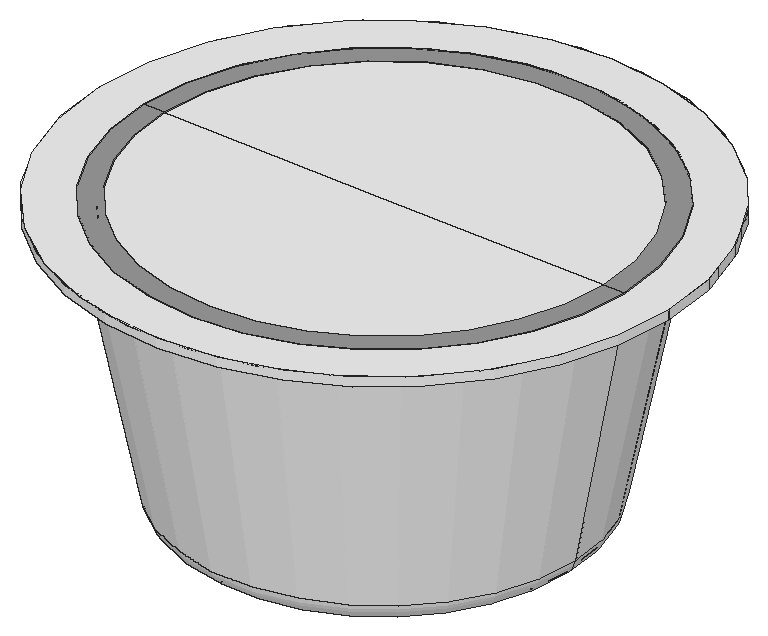
Revit family "2060707", category Lighting Fixtures, host Face, Revit 2018
Family settings
  Host = Face
  Round Connector Dimension = Use Diameter
  Part Type = Normal
  OmniClass Number = 23.80.70.11.17
  OmniClass Title = Specialized Lighting by Location or Use
  Cut with Voids When Loaded = No
  Light Source = Yes
  Shared = No
  Room Calculation Point = No
Parameters (values of type "2060707 ASC100 II ARCH 3450 3K IP65 DALI EMG 160")
  WidthBezelAcc_SYL = 25.0 mm
  Weight = "n/a"
  Wattage = 7 W
  WarrantyStartDate [instance] = "n/a"
  WarrantyGuarantorParts = "n/a"
  WarrantyDurationUnit = "n/a"
  WarrantyDurationParts = ""
  WarrantyDescription = "http://www.sylvania-lighting.com"
  built-in parameter 1150110 = 1 (stored number, unit not read)
  Voltage = 0 V
  VisibilityAccessory_SYL = no
  TypeName = "ASCENT 100 II ARCH 3450 3K IP65 DALI EMG 160"
  built-in parameter 1114217 = 1 (stored number, unit not read)
  Tilt Angle = -90°
  built-in parameter 1150109 = 1 (stored number, unit not read)
  built-in parameter 1150134 = (empty or 0)
  built-in parameter 1150113 = 1 (stored number, unit not read)
  SerialNumber [instance] = "n/a"
  ReflectorRadius_SYL = Radius_SYL - 14.5 mm  # 80.0 mm
  RadiusAcc_SYL = 104.5 mm
  Radius_SYL = 94.5 mm
  URL = "0.95"
  PowerFactor = 0
  PowerConsumption = "Lighting"
  Photometric Web File = "2060707.ies"
  NominalWidth = 0.0 mm
  NominalLength = 209.0 mm
  NominalHeight = 94.0 mm
  Name = "ASCENT 100 II ARCH 3450 3K IP65 DALI EMG 160"
  ModelReference = "ASCENT 100 II ARCH 3450 3K IP65 DALI EMG 160"
  ModelNumber = "2060707"
  Material_4_SYL = none
  Material_3_SYL = Polycarbonate_Sylvania_Ascent_Opal
  Material_2_SYL = Aluminium_Sylvania_Ascent_Silver
  Material_1_SYL = Aluminum_Sylvania_Ascent_White
  Material = "Feilo Sylvania"
  ManufacturerName = "108 lm/W"
  LuminousEfficacy = ""
  built-in parameter 1150105 = 76.872 (stored number, unit not read)
  Lumens = 966 lm
  LuminaireType = "0"
  built-in parameter 1150115 = 1 (stored number, unit not read)
  LightOutputRatio = "LED"
  built-in parameter 1150137 = (empty or 0)
  built-in parameter 1150139 = (empty or 0)
  LampsType = Lamp  # "n/a"
  LampNominalLuminous = "3000 K"
  LampMacAdamStep = "80"
  LampColourTemperature = "LED"
  LampColourRenderingIndex = "16500"
  built-in parameter 1150112 = 1 (stored number, unit not read)
  built-in parameter 1150114 = 1 (stored number, unit not read)
  Keynote = "n/a"
  InstallationDate [instance] = "n/a"
  InputVoltage = "0"
  InputNominalFrequency = "3000"
  built-in parameter 1150132 = (empty or 0)
  built-in parameter 1150102 = (empty or 0)
  built-in parameter 1150107 = 3000 (stored number, unit not read)
  built-in parameter 1150138 = (empty or 0)
  IngressProtection = "IfcLightFixtureType"
  ImpactProtectionIndex = "IfcLightFixtureType"
  built-in parameter 1150106 = 0.76872 (stored number, unit not read)
  IfcExportType = "IfcLightFixtureType"
  IfcExportAs = "Class II"
  HeightAcc_SYL = 7.0 mm
  Height = 96.0 mm
  ExpectedLife = 50000
  EmittionSurface_SYL = if(VisibilityAccessory_SYL, 7.0 mm, 3.0 mm)  # 3.0 mm
  Emit from Circle Diameter = DiffuserRadius_SYL * 2  # 146.0 mm
  Emit Shape Visible in Rendering = no
  ElectricShockClassification = "108"
  built-in parameter 1150104 = 12.821 (stored number, unit not read)
  DurationUnit = "hours"
  DocumentationLiterature = "http://www.sylvania-lighting.com/product/en-int/products/2060707"
  DimmingControlOptions = "n/a"
  Dimming Lamp Color Temperature Shift = <None>
  DiffuserRadius_SYL = ReflectorRadius_SYL - 7.0 mm  # 73.0 mm
  Diameter_SYL = 2 * Radius_SYL  # 189.0 mm
  CutoutDiameter_SYL = Diameter_SYL - 13.0 mm  # 176.0 mm
  CreatedOn = "08/06/2021"
  CreatedBy = "@sylvania-lighting.com"
  Color Filter = 16777215
  built-in parameter 1114216 [instance] = 1 (stored number, unit not read)
  Model = "ASCENT 100 II ARCH 3450 3K IP65 DALI EMG 160"
  Manufacturer = ""
  Lamp = "n/a"
  Description = "Direct LED retro fit for original LED 100 Arch (160) single CFL lamp offering Matching lumen levels and improved light distribution of original LED 100 CFL lamp equivalents Typically half the power consumption compared to CFL Up to 112lm/W 160mm aperture Architectural reflector accepts range of glass accessories from existing LED 100 Arch 160 offering HE, HO and VHO versions equivalent of single 1 x 18W, 1 x 32W, 1 x 42W\r\n Additional VVHO versions which offer the performance circa 2 x 32W equivalent"  # constant formula
  Default Elevation = 0.0 mm
  built-in parameter 1140040 [instance] = 1
  BarCode [instance] = "n/a"
  built-in parameter 1114218 = 1 (stored number, unit not read)
  built-in parameter 1150133 = 10 (stored number, unit not read)
  AssetType = "Fixed"
  AssetIdentifier [instance] = "n/a"
  Assembly Code = "D5020200"
  Apparent Load = 32 VA
  Aperture_SYL = 2 * ReflectorRadius_SYL  # 160.0 mm
Reference planes
  plane 1 "Center (Front/Back)": y = 0
  plane 2: z = 0
  plane 3 "Center (Left/Right)": x = 0
  plane 4 "Fixture Bottom": z = 3
  plane 5: z = -52.5
  plane 6 "Fixture Top": z = -89
  plane 7: x = -104.5
  plane 8: z = 7
  plane 9: x = -79.5
  plane 10: z = 5
  plane 11: x = -102.5
Forms (mm)
  Extrusion 1, solid, material "Aluminum_Sylvania_Ascent_White", detail levels fine
    sketch origin (0, 0, 0) x (1, 0, 0) y (0, 1, 0)
      loop
        circle (0, 0) r 94.5
      loop
        circle (0, 0) r 80
    from 0 to 3
  Extrusion 2, void
    sketch origin (0, 0, 0) x (1, 0, 0) y (0, 1, 0)
      loop
        circle (0, 0) r 88
    from -89 to 3
  Revolve 3, solid, material "Aluminum_Sylvania_Ascent_White" <- "Material_1_SYL", detail levels fine
    sketch origin (0, 0, 0) x (1, 0, 0) y (0, 0, 1)
      loop
        line (0, -89.073) -> (0, -87.023) -> (-55.468, -87.014)
        arc (-55.468, -87.014) -> (-59.352, -85.613) -> (-61.54, -82.139) r 6.307
        line (-61.54, -82.139) -> (-77.991, -2.838) -> (-77.991, 0) -> (-80, 0) -> (-80, -3) -> (-63.5, -82.536)
        arc (-63.5, -82.536) -> (-60.643, -87.203) -> (-55.5, -89.073) r 8.291
        line (-55.5, -89.073) -> (0, -89.073)
      axis (0, 0) -> (0, -89.073)
    angle from 0 to 360
  Revolve 4, solid, material "Aluminium_Sylvania_Ascent_Silver" <- "Material_2_SYL", detail levels fine
    sketch origin (0, 0, 0) x (1, 0, 0) y (0, 0, 1)
      loop
        line (-80, 3) -> (-80, 0) -> (-75, 0)
        arc (-75, 0) -> (-72.349, -26.77) -> (-64.5, -52.5) r 136.5
        line (-64.5, -52.5) -> (-58, -52.5)
        arc (-58, -52.5) -> (-56.857, -61.521) -> (-53.5, -69.971) r 36.166
        line (-53.5, -69.971) -> (0, -69.971) -> (0, -50.5) -> (-63.16, -50.5)
        arc (-63.16, -50.5) -> (-70.517, -25.725) -> (-73, 0) r 134.5
        line (-73, 0) -> (-73, 3) -> (-80, 3)
      axis (0, 3) -> (0, -69.971)
    angle from 0 to 360
  Revolve 5, solid, material "Aluminum_Sylvania_Ascent_White" <- "Material_1_SYL", detail levels medium+fine
    sketch origin (0, 0, 0) x (1, 0, 0) y (0, 0, 1)
      loop
        line (0, -89.073) -> (0, 3) -> (-94.5, 3) -> (-94.5, 0) -> (-79.5, 0) -> (-79.5, -3) -> (-63, -82.536)
        arc (-63, -82.536) -> (-60.143, -87.203) -> (-55, -89.073) r 8.291
        line (-55, -89.073) -> (0, -89.073)
      axis (0, 3) -> (0, -89.073)
    angle from 0 to 360
  Revolve 6, solid, material "Aluminum_Sylvania_Ascent_White" <- "Material_1_SYL", visible <- "VisibilityAccessory_SYL", detail levels medium+fine
    sketch origin (0, 0, 0) x (1, 0, 0) y (0, 0, 1)
      loop
        line (-104.5, 0) -> (-102.5, 0) -> (-102.5, 5) -> (-79.5, 5) -> (-79.5, 7) -> (-104.5, 7) -> (-104.5, 0)
      axis (0, 7) -> (0, 0)
    angle from 0 to 360
  Extrusion 7, solid, detail levels coarse
    sketch origin (0, 0, 0) x (1, 0, 0) y (0, 0, 1)
      loop
        line (104.421, 7) -> (-104.5, 7) -> (-104.5, -89) -> (104.421, -89) -> (104.421, 7)
    from -104.368 to 104.563
Lines and regions (mm)
  reference lines
    curve 1: line (-149.5, 0, 3) -> (125, 0, 3)
Dimensions and locks
  locked: plane 4 "Fixture Bottom" to plane 2 at 3
  "ReflectorRadius_SYL": plane 3 "Center (Left/Right)" to Revolve 4 sketch curve
  locked: Revolve 4 sketch curve to Revolve 4 sketch curve at 15.5
  locked: Revolve 4 sketch curve to Revolve 4 sketch curve at 5
  locked: Revolve 4 sketch curve to Revolve 4 sketch curve at 7
  locked: Revolve 4 sketch curve to Revolve 4 sketch curve at 22
  locked: Revolve 4 sketch curve to Revolve 4 sketch curve at 26.5
  locked: Revolve 3 sketch curve to Revolve 3 sketch curve at 16.5
  locked: Revolve 3 sketch curve to Revolve 3 sketch curve at 24.5
  "ReflectorRadius_SYL": Revolve 3 sketch curve to plane 3 "Center (Left/Right)"
  locked: Revolve 3 sketch curve to plane 6 "Fixture Top" at 6.464
  locked: plane 2 to Revolve 3 sketch curve at 3
  locked: Revolve 3 sketch curve to Revolve 3 sketch curve at 2
  locked: Revolve 3 sketch curve to Revolve 3 sketch curve at 2.009
  locked: plane 2 to plane 5 at 52.5
  locked: Revolve 5 sketch curve to Revolve 5 sketch curve at 31.5
  locked: Revolve 5 sketch curve to Revolve 5 sketch curve at 39.5
  locked: Revolve 5 sketch curve to Revolve 5 sketch curve at 15
  "Radius_SYL": plane 3 "Center (Left/Right)" to Revolve 5 sketch curve
  "RadiusAcc_SYL": plane 3 "Center (Left/Right)" to plane 7
  "HeightAcc_SYL": plane 8 to level
  locked: plane 7 to plane 11 at 2
  locked: plane 8 to plane 10 at 2
  "Height": plane 6 "Fixture Top" to plane 8
  "CutoutDiameter_SYL": diameter of Extrusion 2 sketch curve
  "ReflectorRadius_SYL": radius of Extrusion 1 sketch curve
  "Radius_SYL": radius of Extrusion 1 sketch curve
  aligned and locked: host face to plane 2
  aligned and locked: host face to level
  aligned and locked: plane 4 "Fixture Bottom" to Extrusion 1
  aligned and locked: Extrusion 1 to plane 2
  aligned and locked: Revolve 3 sketch curve to plane 3 "Center (Left/Right)"
  aligned and locked: Revolve 4 sketch curve to plane 3 "Center (Left/Right)"  (x2)
  aligned and locked: plane 4 "Fixture Bottom" to Revolve 4 sketch curve
  aligned and locked: plane 2 to Revolve 3 sketch curve  (x2)
  aligned and locked: Revolve 5 sketch curve to plane 3 "Center (Left/Right)"
  aligned and locked: plane 6 "Fixture Top" to Extrusion 2
  aligned and locked: Revolve 6 sketch curve to plane 3 "Center (Left/Right)"
  aligned and locked: host face to Revolve 6 sketch curve  (x2)
  aligned and locked: Revolve 6 sketch curve to plane 7
  aligned and locked: plane 8 to Revolve 6 sketch curve
  aligned and locked: plane 9 to Revolve 6 sketch curve
  aligned and locked: Revolve 6 sketch curve to plane 10
  aligned and locked: plane 11 to Revolve 6 sketch curve
  aligned and locked: plane 3 "Center (Left/Right)" to imposter light
  aligned and locked: imposter light to plane 1 "Center (Front/Back)"
  aligned and locked: imposter light to curve 1
Automatic sketch dimensions
  plane 1 "Center (Front/Back)" to Extrusion 2 sketch curve = 0.0 mm
  Extrusion 2 sketch curve to plane 3 "Center (Left/Right)" = 0.0 mm
  Extrusion 1 sketch curve to Extrusion 1 sketch curve = 0.0 mm  (x2)
  plane 1 "Center (Front/Back)" to Extrusion 1 sketch curve = 0.0 mm
  Extrusion 1 sketch curve to plane 3 "Center (Left/Right)" = 0.0 mm
  plane 6 "Fixture Top" to Revolve 3 sketch curve = 0.073 mm
  Revolve 3 sketch curve to plane 6 "Fixture Top" = 6.861 mm
  Revolve 3 sketch curve to Revolve 3 sketch curve = 0.003 mm
  Revolve 3 sketch curve to Revolve 3 sketch curve = 0.009 mm  (x2)
  Revolve 3 sketch curve to Revolve 3 sketch curve = 0.023 mm
  Revolve 3 sketch curve to Revolve 3 sketch curve = 0.072 mm
  Revolve 3 sketch curve to Revolve 3 sketch curve = 0.008 mm
  Revolve 3 sketch curve to plane 6 "Fixture Top" = 1.977 mm
  Revolve 3 sketch curve to Revolve 3 sketch curve = 33.496 mm
  Revolve 3 sketch curve to Revolve 3 sketch curve = 0.028 mm
  plane 4 "Fixture Bottom" to Revolve 3 sketch curve = 82.431 mm
  Revolve 4 sketch curve to Revolve 4 sketch curve = 0.0 mm  (x2)
  Revolve 4 sketch curve to plane 5 = 0.0 mm
  Revolve 4 sketch curve to level = 0.0 mm
  plane 5 to Revolve 4 sketch curve = 2.0 mm
  plane 4 "Fixture Bottom" to Revolve 4 sketch curve = 9.642 mm
  Revolve 4 sketch curve to level = 69.971 mm
  Revolve 4 sketch curve to Revolve 4 sketch curve = 2.387 mm
  Revolve 5 sketch curve to level = 0.0 mm
  Revolve 5 sketch curve to plane 3 "Center (Left/Right)" = 0.0 mm
  Revolve 5 sketch curve to Revolve 5 sketch curve = 8.104 mm
  Revolve 5 sketch curve to level = 3.0 mm
  Revolve 5 sketch curve to plane 6 "Fixture Top" = 6.464 mm
  plane 6 "Fixture Top" to Revolve 5 sketch curve = 0.073 mm
  Revolve 5 sketch curve to Revolve 5 sketch curve = 33.496 mm
  plane 4 "Fixture Bottom" to Revolve 5 sketch curve = 82.431 mm
  host sketch curve to host sketch curve = 1704.996 mm
  host sketch curve to host sketch curve = 1500.0 mm
  plane 6 "Fixture Top" to Revolve 6 sketch curve = 281.274 mm
  Revolve 6 sketch curve to plane 8 = 1140.706 mm
  Revolve 3 sketch curve to plane 3 "Center (Left/Right)" = 0.0 mm
  Revolve 5 sketch curve to plane 4 "Fixture Bottom" = 0.0 mm
  plane 7 to curve 1 = 45.0 mm
  plane 3 "Center (Left/Right)" to curve 1 = 125.0 mm
  curve 1 to plane 4 "Fixture Bottom" = 0.0 mm
  plane 7 to Extrusion 7 sketch curve = 0.0 mm
  Extrusion 7 sketch curve to plane 6 "Fixture Top" = 0.0 mm
  Extrusion 7 sketch curve to plane 8 = 0.0 mm
  plane 3 "Center (Left/Right)" to Extrusion 7 sketch curve = 104.421 mm
Connectors
  electrical at (0, 0, -89.073), driven by "Apparent Load"
    settings: on Revolve 3, index 1, voltage 240 V, apparent load 0 VA, apparent load phase1 32 VA, apparent load phase2 0 VA, apparent load phase3 0 VA, power factor 1, load classification "Lighting", number of poles 1, system type 31, power factor state 1, is connector primary yes, connector utility no, sub classification motor no, connector description ""
